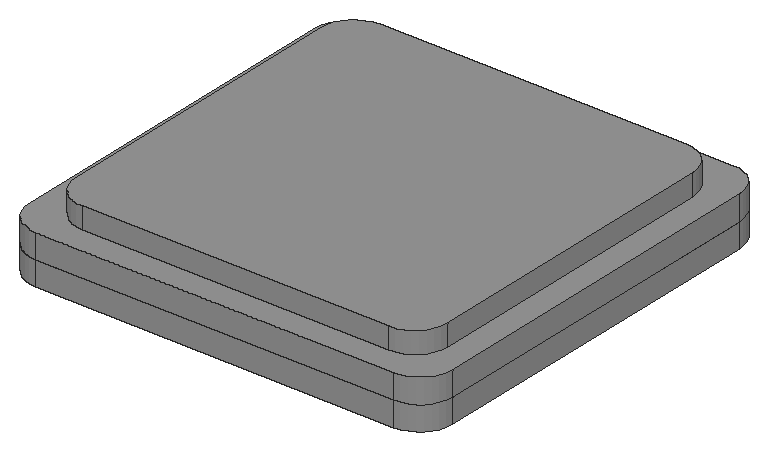
Revit family "FMS2_63_UN_Surface-mounted_ETK", category Lighting Fixtures, Revit 2019 (continued)
Definition of nested family "FMS.2 - Lightsource"
  Types (14, lengths in mm): name | Wattage Comments | Wattage | built-in parameter 1150134 | Photometric Web File | built-in parameter 1150142 | built-in parameter 1150105 | Lumens | built-in parameter 1150107 | built-in parameter 1150106 | Apparent Load
      73\t457.9741\t456.6909\t455.4077\t453.9962\t452.713\t451.3014\r\n449.8899\t448.3501\t446.9386\t445.2704\t443.7306\t442.0624\t440.3942\t438.7261\t436.9296\t435.1331\r\n433.2083\t431.4118\t429.487\t427.4339\t425.3808\t423.3277\t421.4029\t419.3498\t417.1683\t415.1152\r\n412.8054\t410.624\t408.4426\t406.0045\t403.6947\t401.385\t398.6902\t395.9955\t393.1725\t390.4778\r\n387.783\t384.8317\t382.0086\t379.1856\t376.4909\t373.5395\t370.7165\t367.7651\t364.9421\t361.9907\r\n359.0394\t356.088\t353.1366\t350.1853\t347.1056\t344.0259\t341.0746\t338.1232\t335.1718\t332.0922\r\n329.0125\t326.0611\t322.9814\t319.9018\t316.8221\t313.7424\t310.6627\t307.583\t304.5034\t301.4237\r\n298.344\t295.2643\t292.1846\t289.105\t285.7686\t282.304\t278.8394\t275.3747\t271.9101\t268.4454\r\n264.8525\t261.3878\t257.9232\t254.4586\t250.9939\t247.5293\t244.0646\t240.6\t237.1354\t233.6707\r\n230.2061\t226.7414\t223.2768\t219.8122\t216.4758\t213.1395\t209.6749\t206.3386\t203.0022\t199.6659\r\n196.073\t192.48\t189.0154\t185.4224\t181.9578\t178.3648\t174.7718\t171.3072\t167.9709\t164.5062\r\n161.0416\t157.7053\t154.369\t151.0326\t147.6963\t144.36\t141.0237\t137.4307\t133.8378\t130.2448\r\n126.793\t123.277\t119.7996\t116.3606\t112.9601\t109.5853\t106.249\t102.9383\t99.6533\t96.317\r\n93.0448\t89.8368\t86.6545\t83.485\t80.3668\t77.3\t74.2844\t71.3203\t68.3689\t65.4175\r\n62.5047\t59.6046\t56.7431\t53.8944\t51.0842\t48.2996\t45.5921\t43.1155\t40.7031\t38.3035\r\n35.9296\t33.5685\t31.2203\t28.8848\t21.237\t12.986\t4.7312\t0\t0\t0\r\n0\r\n473.6291\t473.5008\t473.2442\t473.1158\t472.8592\t472.4742\t471.961\t471.4477\t471.0627\t470.5494\r\n470.0362\t469.5229\t468.8813\t468.2397\t467.4698\t466.5715\t465.8016\t465.16\t464.2618\t463.3635\r\n462.337\t461.3104\t460.2838\t459.2573\t458.2307\t456.9475\t455.6643\t454.3811\t452.9696\t451.6864\r\n450.2749\t448.9917\t447.4518\t446.0403\t444.5005\t442.9606\t441.2925\t439.6243\t437.9562\t436.288\r\n434.6198\t432.695\t430.8986\t428.9738\t427.1773\t425.1242\t422.8144\t420.3763\t418.0666\t415.6285\r\n413.1904\t410.7523\t408.1859\t405.7478\t403.0531\t400.4867\t397.9203\t395.3539\t392.7875\t390.0928\r\n387.3981\t384.7034\t382.0086\t379.3139\t376.4909\t373.7962\t370.9731\t368.2784\t365.4554\t362.6323\r\n359.8093\t356.9862\t354.1632\t351.3402\t348.3888\t345.5658\t342.7427\t339.7914\t336.9683\t334.017\r\n331.1939\t328.2426\t325.1629\t321.8266\t318.4902\t315.1539\t311.6893\t308.353\t305.0166\t301.552\r\n298.2157\t294.8794\t291.543\t288.2067\t284.8704\t281.5341\t278.1978\t274.7331\t271.3968\t268.0605\r\n264.7242\t261.3878\t258.1798\t254.9718\t251.5072\t248.2992\t244.9629\t241.6266\t238.2902\t234.6973\r\n231.2326\t227.6397\t224.175\t220.5821\t217.1174\t213.6528\t210.1882\t206.7235\t203.2589\t199.7942\r\n196.5862\t193.2499\t189.7853\t186.449\t183.1126\t179.7763\t176.44\t172.9754\t169.2541\t165.6611\r\n162.0682\t158.4752\t155.0106\t151.4176\t147.8246\t144.36\t140.767\t137.3024\t133.9661\t130.5014\r\n127.1395\t123.7646\t120.3128\t116.8995\t113.499\t110.1371\t106.8007\t103.4901\t100.2051\t96.9329\r\n93.6864\t90.4913\t87.3346\t84.2036\t81.0726\t77.9801\t74.926\t71.8977\t68.895\t65.9308\r\n62.9923\t60.0794\t57.2051\t54.4462\t51.8413\t49.2364\t46.6572\t44.0908\t41.55\t39.0221\r\n36.507\t34.0048\t28.8207\t21.1728\t13.5249\t5.8617\t0\t0\t0\t0\r\n0\r\n473.6291\t473.5008\t473.2442\t472.9875\t472.7309\t472.3459\t471.8326\t471.3194\t470.9344\t470.4211\r\n469.9078\t469.3946\t468.753\t468.1114\t467.4698\t466.5715\t465.8016\t465.0317\t464.2618\t463.3635\r\n462.4653\t461.4387\t460.5405\t459.5139\t458.4874\t457.3325\t456.1776\t454.8944\t453.6112\t452.328\r\n451.0448\t449.6333\t448.3501\t446.9386\t445.527\t443.9872\t442.5757\t441.0358\t439.496\t437.8278\r\n435.6464\t433.465\t431.2835\t429.1021\t426.7923\t424.4826\t422.1728\t419.863\t417.5533\t415.1152\r\n412.6771\t410.3674\t407.9293\t405.6195\t403.1814\t400.615\t398.0486\t395.6106\t393.0442\t390.4778\r\n388.0397\t385.4733\t382.9069\t380.2122\t377.6458\t374.951\t372.3846\t369.6899\t367.1235\t364.4288\r\n361.8624\t359.1677\t356.3446\t353.1366\t349.9286\t346.7206\t343.5126\t340.3046\t337.0966\t333.8886\r\n330.6806\t327.3443\t324.1363\t320.8\t317.7203\t314.5123\t311.3043\t308.0963\t304.8883\t301.6803\r\n298.344\t295.136\t291.928\t288.72\t285.512\t282.304\t279.096\t275.888\t272.68\t269.2154\r\n265.7507\t262.2861\t258.8214\t255.3568\t251.8922\t248.4275\t244.9629\t241.6266\t238.2902\t234.9539\r\n231.4893\t228.153\t224.8166\t221.4803\t218.144\t214.8077\t211.4714\t208.2634\t205.0554\t201.5907\r\n197.8694\t194.2765\t190.6835\t186.9622\t183.3693\t179.7763\t176.1834\t172.5904\t169.1258\t165.6611\r\n162.1965\t158.7318\t155.2672\t151.8026\t148.3379\t144.8733\t141.4086\t137.944\t134.4794\t131.0147\r\n127.6527\t124.2779\t120.9159\t117.5924\t114.2818\t110.9968\t107.7375\t104.5038\t101.2701\t97.9852\r\n94.713\t91.4665\t88.2457\t85.0377\t81.8682\t78.7115\t75.5805\t72.4623\t69.3698\t66.2773\r\n63.4029\t60.6569\t57.9365\t55.2289\t52.5342\t49.8652\t47.2089\t44.5655\t41.935\t39.3301\r\n36.3659\t29.0773\t21.8016\t14.513\t7.2244\t0\t0\t0\t0\t0\r\n0\r\n473.6291\t473.3725\t473.2442\t472.8592\t472.6026\t472.3459\t471.8326\t471.3194\t470.8061\t470.2928\r\n469.7795\t469.2662\t468.753\t468.1114\t467.3414\t466.6998\t465.9299\t465.0317\t464.2618\t463.4918\r\n462.7219\t461.6954\t460.7971\t459.7706\t458.8723\t457.8458\t456.8192\t455.7926\t454.5094\t453.2262\r\n451.943\t450.6598\t449.3766\t448.0934\t446.9386\t445.0138\t443.089\t441.0358\t438.9827\t437.0579\r\n435.0048\t432.8234\t430.7702\t428.5888\t426.5357\t424.3542\t422.0445\t419.7347\t417.5533\t415.3718\r\n413.0621\t410.624\t408.3142\t406.0045\t403.5664\t401.2566\t398.9469\t396.6371\t394.199\t391.6326\r\n389.1946\t386.7565\t384.4467\t382.0086\t379.5706\t377.0042\t373.9245\t370.8448\t367.7651\t364.6854\r\n361.6058\t358.5261\t355.4464\t352.3667\t349.287\t346.2074\t343.1277\t339.9197\t336.7117\t333.632\r\n330.5523\t327.4726\t324.393\t321.3133\t318.2336\t315.0256\t311.9459\t308.8662\t305.6582\t302.5786\r\n299.4989\t296.2909\t292.9546\t289.6182\t286.1536\t282.8173\t279.3526\t276.0163\t272.68\t269.3437\r\n265.879\t262.5427\t259.2064\t255.8701\t252.6621\t249.3258\t245.9894\t242.7814\t239.4451\t236.2371\r\n233.0291\t229.8211\t226.2282\t222.6352\t219.0422\t215.4493\t211.8563\t208.2634\t204.6704\t201.0774\r\n197.6128\t194.0198\t190.5552\t187.0906\t183.6259\t180.1613\t176.6966\t173.232\t169.8957\t166.431\r\n162.8381\t159.3734\t155.9088\t152.3158\t148.8512\t145.3866\t141.9219\t138.5856\t135.121\t131.7846\r\n128.32\t125.0093\t121.673\t118.3367\t115.0004\t111.6384\t108.3021\t104.9786\t101.6679\t98.3701\r\n95.0851\t91.8258\t88.5793\t85.3585\t82.1505\t78.9681\t75.7986\t72.8216\t69.9729\t67.137\r\n64.314\t61.5038\t58.7064\t55.909\t53.1373\t50.3656\t47.6067\t44.8607\t42.1275\t37.0332\r\n29.9884\t22.9436\t15.8988\t8.8464\t1.7952\t0\t0\t0\t0\t0\r\n0\r\n473.6291\t473.3725\t473.1158\t472.8592\t472.4742\t472.2176\t471.7043\t471.191\t470.6778\t470.2928\r\n469.7795\t469.2662\t468.6246\t468.1114\t467.4698\t466.6998\t466.0582\t465.2883\t464.5184\t463.7485\r\n462.9786\t462.2086\t461.1821\t460.2838\t459.3856\t458.359\t457.4608\t456.4342\t455.4077\t454.3811\r\n453.2262\t451.8147\t450.0182\t448.0934\t446.1686\t444.3722\t442.4474\t440.6509\t438.5978\t436.673\r\n434.6198\t432.5667\t430.6419\t428.5888\t426.5357\t424.3542\t422.3011\t420.248\t418.1949\t415.8851\r\n413.7037\t411.5222\t409.3408\t407.1594\t404.8496\t402.5398\t400.3584\t398.0486\t395.7389\t393.4291\r\n390.7344\t387.9114\t384.96\t381.8803\t378.929\t375.9776\t373.0262\t370.2032\t367.2518\t364.3005\r\n361.3491\t358.2694\t355.3181\t352.3667\t349.287\t346.3357\t343.3843\t340.433\t337.4816\t334.5302\r\n331.4506\t328.4992\t325.5478\t322.4682\t319.3885\t316.0522\t312.7158\t309.3795\t306.0432\t302.7069\r\n299.4989\t296.1626\t292.8262\t289.4899\t286.2819\t282.9456\t279.6093\t276.4013\t273.1933\t269.9853\r\n266.7773\t263.5693\t260.3613\t257.1533\t253.9453\t250.7373\t247.2726\t243.808\t240.0867\t236.4938\r\n232.9008\t229.4362\t225.8432\t222.3786\t218.9139\t215.4493\t211.8563\t208.52\t205.0554\t201.5907\r\n197.9978\t194.5331\t191.0685\t187.7322\t184.2675\t180.8029\t177.2099\t173.7453\t170.1523\t166.6877\r\n163.223\t159.7584\t156.2938\t152.8291\t149.4928\t146.0282\t142.5635\t139.2272\t135.8909\t132.4262\r\n129.0899\t125.6124\t122.1991\t118.8115\t115.4238\t112.0619\t108.6999\t105.3636\t102.0272\t98.7166\r\n95.4188\t92.1338\t88.8616\t85.6023\t82.4584\t79.5071\t76.5814\t73.6557\t70.7556\t67.8556\r\n64.9684\t62.0812\t59.2197\t56.3453\t53.4966\t50.6607\t47.8249\t44.989\t38.3677\t31.4769\r\n24.5733\t17.6825\t10.7814\t3.8817\t0\t0\t0\t0\t0\t0\r\n0\r\n473.6291\t473.3725\t473.1158\t472.7309\t472.4742\t472.0893\t471.7043\t471.191\t470.6778\t470.1645\r\n469.6512\t469.1379\t468.6246\t468.1114\t467.5981\t466.8282\t466.1866\t465.545\t464.775\t464.0051\r\n463.2352\t462.4653\t461.6954\t460.9254\t460.0272\t459.129\t458.2307\t457.3325\t456.4342\t454.7661\r\n453.0979\t451.3014\t449.505\t447.7085\t445.912\t443.9872\t442.1907\t440.2659\t438.4694\t436.5446\r\n434.7482\t432.8234\t430.8986\t428.8454\t426.9206\t424.8675\t422.8144\t420.7613\t418.8365\t416.7834\r\n414.7302\t412.8054\t410.7523\t408.5709\t406.3894\t403.9514\t401.1283\t398.4336\t395.6106\t392.7875\r\n389.9645\t387.1414\t384.3184\t381.4954\t378.6723\t375.8493\t373.1546\t370.3315\t367.3802\t364.4288\r\n361.4774\t358.6544\t355.9597\t353.1366\t350.1853\t347.3622\t344.4109\t341.4595\t338.6365\t335.5568\r\n332.3488\t329.0125\t325.6762\t322.4682\t319.1318\t315.9238\t312.7158\t309.5078\t306.2998\t302.9635\r\n299.7555\t296.5475\t293.3395\t290.1315\t286.9235\t283.7155\t280.6358\t277.4278\t274.3482\t271.2685\r\n267.9322\t264.4675\t260.8746\t257.4099\t253.817\t250.3523\t246.8877\t243.423\t239.9584\t236.4938\r\n233.0291\t229.5645\t226.2282\t222.7635\t219.2989\t215.8342\t212.3696\t209.0333\t205.697\t202.2323\r\n198.6394\t195.1747\t191.5818\t188.1171\t184.5242\t181.0595\t177.5949\t174.0019\t170.5373\t167.0726\r\n163.7363\t160.2717\t156.807\t153.4707\t150.0061\t146.6698\t143.2051\t139.7405\t136.2758\t132.8112\r\n129.4749\t125.9974\t122.5841\t119.1708\t115.7703\t112.3827\t109.0207\t105.6587\t102.3095\t98.9732\r\n95.6369\t92.3134\t89.2466\t86.231\t83.2284\t80.2385\t77.2486\t74.2716\t71.3074\t68.3561\r\n65.4047\t62.4533\t59.5276\t56.5891\t53.6634\t50.7506\t47.0036\t40.2027\t33.4145\t26.6264\r\n19.8383\t13.0373\t6.2492\t0\t0\t0\t0\t0\t0\t0\r\n0\r\n473.6291\t473.3725\t473.1158\t472.7309\t472.3459\t472.0893\t471.7043\t471.191\t470.6778\t470.1645\r\n469.6512\t469.1379\t468.6246\t468.1114\t467.5981\t467.0848\t466.4432\t465.8016\t465.16\t464.3901\r\n463.6202\t462.9786\t462.2086\t461.4387\t460.7971\t460.0272\t459.0006\t457.3325\t455.7926\t454.1245\r\n452.4563\t450.9165\t449.12\t447.4518\t445.7837\t443.9872\t442.1907\t440.3942\t438.5978\t436.8013\r\n434.8765\t433.08\t431.2835\t429.487\t427.5622\t425.7658\t423.841\t421.9162\t419.863\t417.9382\r\n415.8851\t413.832\t411.1373\t408.5709\t405.8762\t403.3098\t400.7434\t398.0486\t395.3539\t392.5309\r\n389.8362\t387.0131\t384.3184\t381.6237\t378.8006\t376.1059\t373.4112\t370.7165\t367.8934\t365.1987\r\n362.3757\t359.681\t356.9862\t354.2915\t351.5968\t348.5171\t345.1808\t341.8445\t338.5082\t335.3002\r\n332.2205\t329.0125\t325.9328\t322.7248\t319.5168\t316.3088\t313.1008\t309.8928\t306.8131\t303.7334\r\n300.5254\t297.4458\t294.2378\t291.1581\t288.0784\t284.8704\t281.5341\t277.9411\t274.4765\t271.0118\r\n267.6755\t264.2109\t260.7462\t257.2816\t253.817\t250.3523\t247.016\t243.5514\t240.215\t236.7504\r\n233.4141\t230.0778\t226.6131\t223.2768\t219.9405\t216.4758\t212.8829\t209.4182\t205.8253\t202.3606\r\n198.896\t195.4314\t191.8384\t188.3738\t184.9091\t181.4445\t177.9798\t174.6435\t171.1789\t167.7142\r\n164.3779\t160.9133\t157.577\t153.984\t150.5194\t147.0547\t143.4618\t139.9971\t136.5325\t133.0678\r\n129.6032\t126.2284\t122.8151\t119.4146\t116.0141\t112.6265\t109.2388\t105.864\t102.4892\t99.1657\r\n96.086\t93.0192\t89.9523\t86.8983\t83.8443\t80.8031\t77.7748\t74.7464\t71.718\t68.7025\r\n65.687\t62.6843\t59.6816\t56.6789\t53.6891\t49.262\t42.5509\t35.8269\t29.103\t22.3918\r\n15.6679\t8.9478\t2.2276\t0\t0\t0\t0\t0\t0\t0\r\n0\r\n473.6291\t473.3725\t472.9875\t472.7309\t472.3459\t471.961\t471.576\t471.191\t470.6778\t470.1645\r\n469.6512\t469.1379\t468.753\t468.2397\t467.7264\t467.2131\t466.5715\t466.0582\t465.4166\t464.775\r\n464.1334\t463.4918\t462.8502\t462.0803\t461.4387\t460.1555\t458.6157\t457.0758\t455.536\t453.8678\r\n452.1997\t450.5315\t448.8634\t447.1952\t445.6554\t443.9872\t442.319\t440.6509\t438.8544\t437.1862\r\n435.3898\t433.5933\t431.9251\t430.1286\t428.3322\t426.5357\t424.6109\t422.9427\t421.0179\t418.5798\r\n416.0134\t413.447\t410.8806\t408.1859\t405.6195\t402.9248\t400.3584\t397.792\t395.0973\t392.5309\r\n389.9645\t387.2698\t384.7034\t382.137\t379.4422\t376.8758\t374.1811\t371.4864\t368.7917\t366.097\r\n363.5306\t360.4509\t357.3712\t354.1632\t351.0835\t348.0038\t344.9242\t341.8445\t338.6365\t335.5568\r\n332.3488\t329.2691\t326.0611\t322.9814\t319.9018\t316.8221\t313.7424\t310.6627\t307.583\t304.5034\r\n301.4237\t298.344\t295.0077\t291.6714\t288.2067\t284.7421\t281.4058\t277.9411\t274.4765\t271.1402\r\n267.6755\t264.3392\t260.8746\t257.5382\t254.0736\t250.7373\t247.2726\t243.9363\t240.6\t237.2637\r\n233.9274\t230.591\t227.1264\t223.5334\t220.0688\t216.6042\t213.1395\t209.6749\t206.2102\t202.7456\r\n199.1526\t195.8163\t192.3517\t188.887\t185.4224\t181.9578\t178.4931\t175.1568\t171.6922\t168.2275\r\n164.7629\t161.2982\t157.7053\t154.2406\t150.776\t147.3114\t143.8467\t140.3821\t136.9174\t133.4528\r\n129.9882\t126.5235\t123.0845\t119.6584\t116.2194\t112.7933\t109.38\t106.018\t102.8998\t99.7816\r\n96.6635\t93.5581\t90.4528\t87.3474\t84.2549\t81.1752\t78.0956\t75.0159\t71.9362\t68.8693\r\n65.8153\t62.7485\t59.6945\t56.6404\t52.0081\t45.3483\t38.6756\t32.0158\t25.3432\t18.6834\r\n12.0133\t5.3458\t0\t0\t0\t0\t0\t0\t0\t0\r\n0\r\n473.6291\t473.3725\t472.9875\t472.6026\t472.2176\t471.961\t471.576\t471.191\t470.8061\t470.2928\r\n469.7795\t469.2662\t468.753\t468.2397\t467.8547\t467.3414\t466.8282\t466.3149\t465.8016\t465.16\r\n464.6467\t464.0051\t463.3635\t462.7219\t461.3104\t459.7706\t458.2307\t456.6909\t455.151\t453.6112\r\n452.0714\t450.5315\t448.9917\t447.3235\t445.6554\t443.9872\t442.4474\t440.7792\t439.111\t437.5712\r\n435.903\t434.2349\t432.5667\t430.8986\t429.2304\t427.4339\t425.5091\t422.9427\t420.5046\t418.0666\r\n415.5002\t413.0621\t410.4957\t407.9293\t405.4912\t402.9248\t400.4867\t397.9203\t395.3539\t392.7875\r\n390.2211\t387.783\t385.2166\t382.6502\t380.0838\t377.5174\t374.951\t372.513\t369.5616\t366.6102\r\n363.5306\t360.4509\t357.3712\t354.2915\t351.2118\t348.1322\t345.0525\t341.9728\t338.8931\t335.8134\r\n332.7338\t329.7824\t326.7027\t323.623\t320.5434\t317.4637\t314.5123\t311.4326\t308.4813\t305.145\r\n301.6803\t298.344\t294.8794\t291.543\t288.0784\t284.7421\t281.2774\t277.9411\t274.6048\t271.1402\r\n267.8038\t264.4675\t261.1312\t257.7949\t254.4586\t251.1222\t247.7859\t244.4496\t241.1133\t237.6486\r\n234.0557\t230.591\t227.1264\t223.6618\t220.1971\t216.7325\t213.2678\t209.8032\t206.3386\t202.8739\r\n199.4093\t196.073\t192.6083\t189.1437\t185.679\t182.3427\t178.8781\t175.4134\t171.9488\t168.4842\r\n165.0195\t161.4266\t157.9619\t154.4973\t151.0326\t147.568\t143.975\t140.5104\t137.0458\t133.5811\r\n130.1165\t126.716\t123.2642\t119.8124\t116.3734\t112.9216\t109.7649\t106.5954\t103.4516\t100.2949\r\n97.1511\t94.0072\t90.8634\t87.7324\t84.5885\t81.4704\t78.3394\t75.2212\t72.0902\t68.972\r\n65.8667\t62.7485\t59.6431\t55.2546\t48.6204\t41.9863\t35.365\t28.7308\t22.0967\t15.4754\r\n8.8451\t2.2161\t0\t0\t0\t0\t0\t0\t0\t0\r\n0\r\n473.6291\t473.3725\t472.9875\t472.6026\t472.2176\t471.8326\t471.4477\t471.0627\t470.6778\t470.2928\r\n469.9078\t469.3946\t468.8813\t468.368\t467.983\t467.4698\t466.9565\t466.4432\t466.0582\t465.545\r\n465.0317\t464.5184\t463.8768\t462.4653\t461.0538\t459.5139\t457.9741\t456.5626\t455.0227\t453.4829\r\n451.943\t450.4032\t448.8634\t447.3235\t445.912\t444.2438\t442.704\t441.1642\t439.6243\t438.0845\r\n436.4163\t434.8765\t433.2083\t431.5402\t429.7437\t427.4339\t424.9958\t422.5578\t420.248\t417.8099\r\n415.3718\t412.9338\t410.4957\t408.0576\t405.6195\t403.1814\t400.615\t398.177\t395.7389\t393.3008\r\n390.8627\t388.2963\t385.8582\t383.4202\t380.9821\t378.4157\t375.336\t372.3846\t369.305\t366.3536\r\n363.2739\t360.3226\t357.2429\t354.1632\t351.2118\t348.2605\t345.1808\t342.2294\t339.1498\t336.1984\r\n333.247\t330.2957\t327.3443\t324.2646\t321.3133\t318.3619\t315.1539\t311.8176\t308.4813\t305.0166\r\n301.6803\t298.344\t295.0077\t291.6714\t288.335\t284.9987\t281.5341\t278.1978\t274.8614\t271.5251\r\n268.1888\t264.8525\t261.5162\t258.3082\t254.9718\t251.6355\t248.2992\t244.8346\t241.2416\t237.777\r\n234.3123\t230.8477\t227.383\t223.9184\t220.4538\t216.9891\t213.5245\t210.0598\t206.5952\t203.1306\r\n199.6659\t196.2013\t192.865\t189.4003\t185.9357\t182.471\t179.0064\t175.5418\t172.0771\t168.4842\r\n165.0195\t161.5549\t158.0902\t154.6256\t151.161\t147.6963\t144.1034\t140.6387\t137.1741\t133.7094\r\n130.2448\t126.8315\t123.3797\t119.9279\t116.6172\t113.422\t110.2397\t107.0574\t103.8879\t100.7055\r\n97.536\t94.3537\t91.1842\t88.0147\t84.8452\t81.6757\t78.519\t75.3623\t72.1928\t69.0362\r\n65.8795\t62.7356\t59.0272\t52.4187\t45.8102\t39.2018\t32.5933\t25.9848\t19.3763\t12.7704\r\n6.1632\t0\t0\t0\t0\t0\t0\t0\t0\t0\r\n0\r\n473.6291\t473.3725\t472.9875\t472.6026\t472.2176\t471.8326\t471.4477\t471.0627\t470.6778\t470.2928\r\n469.9078\t469.5229\t469.1379\t468.6246\t468.1114\t467.7264\t467.2131\t466.6998\t466.1866\t465.8016\r\n465.2883\t464.9034\t463.7485\t462.337\t460.7971\t459.3856\t457.8458\t456.4342\t454.8944\t453.4829\r\n451.943\t450.5315\t448.9917\t447.4518\t446.0403\t444.5005\t442.9606\t441.4208\t440.0093\t438.4694\r\n436.9296\t435.5181\t433.9782\t431.9251\t429.487\t427.1773\t424.8675\t422.4294\t420.1197\t417.6816\r\n415.2435\t412.9338\t410.4957\t408.0576\t405.7478\t403.3098\t400.8717\t398.5619\t396.2522\t393.8141\r\n391.5043\t389.0662\t386.7565\t384.3184\t381.367\t378.4157\t375.336\t372.3846\t369.4333\t366.3536\r\n363.4022\t360.4509\t357.4995\t354.5482\t351.4685\t348.5171\t345.5658\t342.6144\t339.663\t336.
